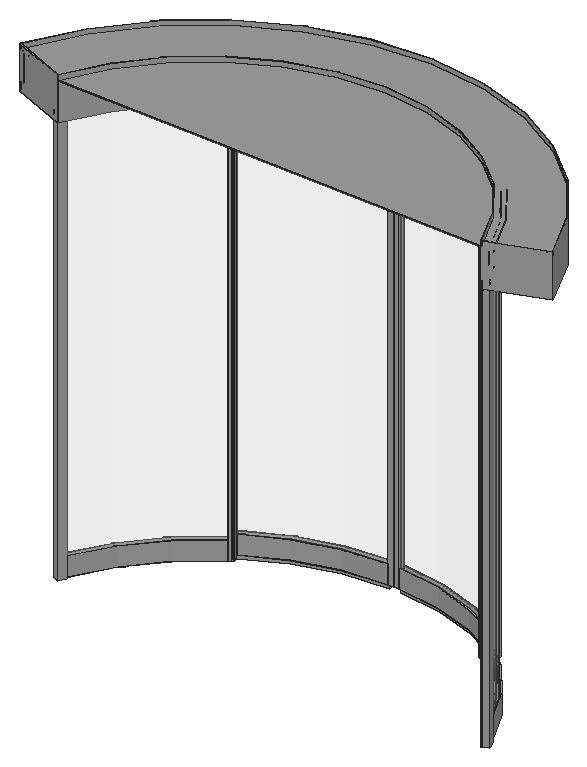
Revit family "agtatec_Record_SldngDrset_RST-ABST-IBST_Wall Based", category Doors, host Wall, Revit 2015 (continued)
Definition of nested family "RST - Generic"
  Definition of nested family "Panels"
    Automatic sketch dimensions
      Sweep 3 sketch curve to Sweep 3 sketch curve = 0.982 mm
      Sweep 3 sketch curve to profile plane = 22.618 mm
      Sweep 3 sketch curve to Sweep 3 sketch curve = 0.228 mm
      Sweep 3 sketch curve to Sweep 3 sketch curve = 9.918 mm
      Sweep 3 sketch curve to Sweep 3 sketch curve = 3.00 mm  (x2)
      profile plane to Sweep 3 sketch curve = 7.00 mm
      profile plane to Sweep 3 sketch curve = 10.00 mm
      Sweep 4 sketch curve to profile plane = 0.00 mm  (x2)
      profile plane to Sweep 4 sketch curve = 10.00 mm
      profile plane to Sweep 4 sketch curve = 7.00 mm  (x2)
      profile plane to Sweep 4 sketch curve = 3.51 mm
      profile plane to Sweep 4 sketch curve = 0.01 mm
      Sweep 4 sketch curve to profile plane = 1.33 mm
      Sweep 4 sketch curve to Sweep 4 sketch curve = 1.00 mm
      Sweep 4 sketch curve to Sweep 4 sketch curve = 0.67 mm
      Sweep 4 sketch curve to profile plane = 7.00 mm
      Sweep 4 sketch curve to Sweep 4 sketch curve = 7.00 mm
      Sweep 4 sketch curve to Sweep 4 sketch curve = 7.50 mm
      Sweep 4 sketch curve to Sweep 4 sketch curve = 2.50 mm  (x3)
      Sweep 1 to Sweep 5 sketch curve = 0.00 mm
      Sweep 1 to Sweep 5 sketch curve = 4.35 mm
      Sweep 5 sketch curve to profile plane = 0.00 mm  (x2)
      profile plane to Sweep 5 sketch curve = 10.00 mm
      Sweep 5 sketch curve to Sweep 5 sketch curve = 3.00 mm  (x2)
      profile plane to Sweep 5 sketch curve = 3.00 mm
      profile plane to Sweep 5 sketch curve = 2.33 mm
      Sweep 5 sketch curve to Sweep 5 sketch curve = 1.00 mm
      Sweep 5 sketch curve to profile plane = 0.01 mm
      Sweep 5 sketch curve to Sweep 5 sketch curve = 3.50 mm
      Sweep 5 sketch curve to profile plane = 7.00 mm
      profile plane to Sweep 5 sketch curve = 7.00 mm
      Sweep 5 sketch curve to Sweep 5 sketch curve = 7.50 mm
      Sweep 5 sketch curve to Sweep 5 sketch curve = 2.50 mm  (x3)
      plane 6 "T" to Sweep 6 sketch curve = 0.00 mm
      plane 5 to Sweep 6 sketch curve = 0.00 mm
      profile plane to Sweep 6 sketch curve = 0.00 mm  (x2)
      profile plane to Sweep 6 sketch curve = 7.00 mm  (x3)
      Sweep 6 sketch curve to Sweep 6 sketch curve = 7.95 mm
      Sweep 6 sketch curve to Sweep 6 sketch curve = 2.70 mm  (x2)
      Sweep 6 sketch curve to Sweep 6 sketch curve = 13.00 mm
      Sweep 6 sketch curve to Sweep 6 sketch curve = 2.351 mm
      Sweep 6 sketch curve to Sweep 6 sketch curve = 0.963 mm
      Sweep 6 sketch curve to Sweep 6 sketch curve = 0.982 mm
      Sweep 6 sketch curve to profile plane = 10.00 mm
      Sweep 6 sketch curve to profile plane = 7.00 mm
      Sweep 6 sketch curve to Sweep 6 sketch curve = 3.00 mm
      Sweep 6 sketch curve to Sweep 6 sketch curve = 9.564 mm
      Sweep 6 sketch curve to Sweep 6 sketch curve = 0.125 mm
      Sweep 9 sketch curve to profile plane = 0.00 mm  (x2)
      profile plane to Sweep 9 sketch curve = 15.00 mm  (x2)
      profile plane to Sweep 9 sketch curve = 12.00 mm
      profile plane to Sweep 9 sketch curve = 5.00 mm
      Sweep 9 sketch curve to Sweep 9 sketch curve = 1.40 mm  (x2)
      Sweep 9 sketch curve to Sweep 9 sketch curve = 1.30 mm
      Sweep 9 sketch curve to profile plane = 0.50 mm
      Sweep 9 sketch curve to Sweep 9 sketch curve = 5.66 mm
      Sweep 9 sketch curve to profile plane = 12.00 mm
      Sweep 9 sketch curve to Sweep 9 sketch curve = 7.44 mm
      Sweep 9 sketch curve to Sweep 9 sketch curve = 10.00 mm
      Sweep 9 sketch curve to Sweep 9 sketch curve = 3.00 mm  (x3)
      Sweep 7 to Sweep 10 sketch curve = 0.00 mm
      Sweep 7 to Sweep 10 sketch curve = 5.00 mm
      Sweep 10 sketch curve to profile plane = 0.00 mm  (x2)
      profile plane to Sweep 10 sketch curve = 15.00 mm  (x2)
      profile plane to Sweep 10 sketch curve = 12.00 mm
      Sweep 10 sketch curve to Sweep 10 sketch curve = 7.44 mm
      Sweep 10 sketch curve to Sweep 10 sketch curve = 1.40 mm  (x2)
      profile plane to Sweep 10 sketch curve = 0.50 mm
      Sweep 10 sketch curve to profile plane = 2.30 mm
      Sweep 10 sketch curve to Sweep 10 sketch curve = 1.30 mm
      Sweep 10 sketch curve to profile plane = 12.00 mm
      Sweep 10 sketch curve to Sweep 10 sketch curve = 10.00 mm  (x2)
      Sweep 10 sketch curve to Sweep 10 sketch curve = 3.00 mm  (x3)
      profile plane to Sweep 11 sketch curve = 5.00 mm
      Sweep 11 sketch curve to profile plane = 5.00 mm
      profile plane to Sweep 13 sketch curve = 0.00 mm  (x2)
      profile plane to Sweep 13 sketch curve = 15.00 mm
      Sweep 13 sketch curve to Sweep 13 sketch curve = 3.00 mm
      Sweep 13 sketch curve to profile plane = 12.00 mm
      Sweep 13 sketch curve to profile plane = 15.00 mm
      Sweep 13 sketch curve to Sweep 13 sketch curve = 0.00 mm
      Sweep 13 sketch curve to Sweep 13 sketch curve = 11.00 mm
      Sweep 13 sketch curve to Sweep 13 sketch curve = 0.123 mm
      Sweep 13 sketch curve to Sweep 13 sketch curve = 15.00 mm  (x2)
      Sweep 13 sketch curve to Sweep 13 sketch curve = 10.00 mm
      Sweep 13 sketch curve to Sweep 13 sketch curve = 0.963 mm
      Sweep 13 sketch curve to Sweep 13 sketch curve = 3.35 mm
      Sweep 14 sketch curve to Sweep 7 = 0.00 mm
      Sweep 7 to Sweep 14 sketch curve = 5.00 mm
      profile plane to Sweep 14 sketch curve = 0.00 mm  (x2)
      profile plane to Sweep 14 sketch curve = 26.123 mm
      Sweep 14 sketch curve to Sweep 14 sketch curve = 0.123 mm
      Sweep 14 sketch curve to Sweep 14 sketch curve = 11.123 mm
      Sweep 14 sketch curve to Sweep 14 sketch curve = 0.00 mm
      Sweep 14 sketch curve to Sweep 14 sketch curve = 3.00 mm  (x2)
      Sweep 14 sketch curve to profile plane = 12.00 mm
      Sweep 14 sketch curve to Sweep 14 sketch curve = 15.00 mm  (x2)
      Sweep 14 sketch curve to Sweep 14 sketch curve = 10.00 mm
      Sweep 14 sketch curve to Sweep 14 sketch curve = 0.963 mm
      Sweep 14 sketch curve to Sweep 14 sketch curve = 3.35 mm
      Masking region 2 sketch curve to Masking region 2 sketch curve = 3.00 mm
      Masking region 2 sketch curve to curve 1 = 21.945 mm
      Masking region 2 sketch curve to curve 1 = 20.001 mm
      Masking region 3 sketch curve to curve 1 = 20.001 mm
      Masking region 3 sketch curve to curve 1 = 21.945 mm
      Masking region 3 sketch curve to Masking region 3 sketch curve = 2.70 mm
      Masking region 7 sketch curve to Masking region 7 sketch curve = 0.123 mm
      Masking region 7 sketch curve to Masking region 7 sketch curve = 1.65 mm
      Masking region 8 sketch curve to Masking region 8 sketch curve = 0.123 mm
      curve 17 to curve 12 = 3.00 mm
      curve 10 to curve 18 = 3.00 mm
      profile plane to Sweep 15 sketch curve = 10.00 mm
      profile plane to Sweep 15 sketch curve = 7.00 mm
      Sweep 15 sketch curve to Sweep 15 sketch curve = 3.00 mm  (x2)
      Sweep 15 sketch curve to Sweep 15 sketch curve = 2.65 mm  (x2)
      Sweep 15 sketch curve to profile plane = 4.35 mm
      Sweep 15 sketch curve to profile plane = 7.00 mm
      level to Sweep 15 sketch curve = 5.00 mm  (x2)
      Sweep 15 sketch curve to Sweep 15 sketch curve = 24.00 mm
      Sweep 15 sketch curve to Sweep 15 sketch curve = 0.00 mm  (x2)
      Sweep 15 sketch curve to Sweep 15 sketch curve = 11.00 mm
      Sweep 15 sketch curve to Sweep 15 sketch curve = 4.00 mm
      Sweep 15 sketch curve to Sweep 15 sketch curve = 34.00 mm
      Sweep 16 sketch curve to plane 4 "Top Plane" = 0.00 mm  (x2)
      profile plane to Sweep 16 sketch curve = 10.00 mm
      profile plane to Sweep 16 sketch curve = 6.50 mm
      profile plane to Sweep 16 sketch curve = 4.35 mm
      Sweep 16 sketch curve to profile plane = 4.35 mm
      Sweep 16 sketch curve to profile plane = 6.50 mm
      Sweep 16 sketch curve to Sweep 16 sketch curve = 3.50 mm
      plane 4 "Top Plane" to Sweep 16 sketch curve = 28.00 mm
      Sweep 16 sketch curve to Sweep 16 sketch curve = 4.00 mm
      Sweep 16 sketch curve to Sweep 16 sketch curve = 12.00 mm  (x2)
      plane 6 "T" to Sweep 17 sketch curve = 0.00 mm
      profile plane to Sweep 17 sketch curve = 0.00 mm  (x2)
      Sweep 17 sketch curve to Sweep 17 sketch curve = 7.00 mm
      Sweep 17 sketch curve to Sweep 17 sketch curve = 2.00 mm  (x2)
      Sweep 17 sketch curve to Sweep 17 sketch curve = 6.00 mm  (x2)
      Sweep 17 sketch curve to profile plane = 10.00 mm
      Sweep 17 sketch curve to Sweep 17 sketch curve = 3.00 mm
      Sweep 17 sketch curve to profile plane = 5.00 mm
      profile plane to Sweep 17 sketch curve = 5.00 mm
      Sweep 17 sketch curve to Sweep 17 sketch curve = 5.00 mm
      Sweep 15 to Sweep 18 sketch curve = 0.00 mm
      Sweep 18 sketch curve to profile plane = 0.00 mm  (x2)
      profile plane to Sweep 18 sketch curve = 10.00 mm
      profile plane to Sweep 18 sketch curve = 7.00 mm  (x2)
      profile plane to Sweep 18 sketch curve = 5.00 mm
      Sweep 18 sketch curve to profile plane = 5.00 mm
      Sweep 18 sketch curve to Sweep 18 sketch curve = 2.00 mm  (x2)
      Sweep 18 sketch curve to Sweep 18 sketch curve = 5.00 mm
      Sweep 18 sketch curve to Sweep 18 sketch curve = 6.00 mm  (x2)
      Sweep 15 to Sweep 19 sketch curve = 0.00 mm
      Sweep 15 to Sweep 19 sketch curve = 4.35 mm
      Sweep 19 sketch curve to profile plane = 0.00 mm
      profile plane to Sweep 19 sketch curve = 10.00 mm
      Sweep 19 sketch curve to profile plane = 10.00 mm
      profile plane to Sweep 19 sketch curve = 2.00 mm  (x2)
      Sweep 19 sketch curve to Sweep 19 sketch curve = 1.70 mm
      profile plane to Sweep 19 sketch curve = 1.00 mm
      Sweep 19 sketch curve to Sweep 19 sketch curve = 7.658 mm
      Sweep 19 sketch curve to Sweep 19 sketch curve = 17.00 mm
      Sweep 19 sketch curve to Sweep 19 sketch curve = 13.00 mm
      Sweep 19 sketch curve to Sweep 19 sketch curve = 5.00 mm
      profile plane to Sweep 20 sketch curve = 0.00 mm  (x2)
      Sweep 20 sketch curve to profile plane = 10.50 mm
      profile plane to Sweep 20 sketch curve = 23.00 mm
      Sweep 20 sketch curve to Sweep 20 sketch curve = 2.00 mm  (x3)
      profile plane to Sweep 20 sketch curve = 10.50 mm
      profile plane to Sweep 21 sketch curve = 5.00 mm
      Sweep 21 sketch curve to profile plane = 5.00 mm
      Sweep 15 to Sweep 22 sketch curve = 0.00 mm
      Sweep 22 sketch curve to profile plane = 0.00 mm
      profile plane to Sweep 22 sketch curve = 2.00 mm  (x2)
      profile plane to Sweep 22 sketch curve = 27.00 mm
      profile plane to Sweep 22 sketch curve = 1.00 mm
      Sweep 22 sketch curve to Sweep 22 sketch curve = 7.642 mm
      Sweep 22 sketch curve to Sweep 22 sketch curve = 7.658 mm
      Sweep 22 sketch curve to Sweep 22 sketch curve = 1.70 mm
      Sweep 22 sketch curve to profile plane = 10.00 mm
      Sweep 22 sketch curve to Sweep 22 sketch curve = 13.00 mm
      Sweep 22 sketch curve to Sweep 22 sketch curve = 5.00 mm
      profile plane to Sweep 23 sketch curve = 15.00 mm
      profile plane to Sweep 23 sketch curve = 12.00 mm
      Sweep 23 sketch curve to Sweep 23 sketch curve = 3.00 mm  (x2)
      profile plane to Sweep 23 sketch curve = 4.35 mm
      Sweep 23 sketch curve to profile plane = 4.35 mm
      Sweep 23 sketch curve to Sweep 23 sketch curve = 7.65 mm
      Sweep 23 sketch curve to profile plane = 12.00 mm
      level to Sweep 23 sketch curve = 5.00 mm  (x2)
      Sweep 23 sketch curve to Sweep 23 sketch curve = 45.00 mm
      Sweep 23 sketch curve to Sweep 23 sketch curve = 0.00 mm  (x2)
      Sweep 23 sketch curve to Sweep 23 sketch curve = 12.00 mm
      Sweep 23 sketch curve to Sweep 23 sketch curve = 5.00 mm
      Sweep 23 sketch curve to Sweep 23 sketch curve = 33.00 mm
      Sweep 24 sketch curve to plane 4 "Top Plane" = 0.00 mm  (x2)
      profile plane to Sweep 24 sketch curve = 15.00 mm
      profile plane to Sweep 24 sketch curve = 12.00 mm
      profile plane to Sweep 24 sketch curve = 4.50 mm
      Sweep 24 sketch curve to profile plane = 4.50 mm
      Sweep 24 sketch curve to profile plane = 12.00 mm
      Sweep 24 sketch curve to Sweep 24 sketch curve = 3.00 mm
      plane 4 "Top Plane" to Sweep 24 sketch curve = 27.00 mm
      Sweep 24 sketch curve to Sweep 24 sketch curve = 5.00 mm
      Sweep 24 sketch curve to Sweep 24 sketch curve = 12.00 mm  (x2)
      Sweep 29 sketch curve to Sweep 29 sketch curve = 5.00 mm  (x2)
      Sweep 29 sketch curve to profile plane = 4.00 mm
      profile plane to Sweep 29 sketch curve = 4.00 mm
      profile plane to Sweep 25 sketch curve = 0.00 mm  (x2)
      Sweep 25 sketch curve to Sweep 25 sketch curve = 15.00 mm
      Sweep 25 sketch curve to Sweep 25 sketch curve = 3.00 mm  (x2)
      Sweep 25 sketch curve to Sweep 25 sketch curve = 7.00 mm  (x2)
      Sweep 25 sketch curve to Sweep 25 sketch curve = 10.00 mm
      Sweep 25 sketch curve to profile plane = 15.00 mm
      Sweep 25 sketch curve to profile plane = 8.00 mm
      profile plane to Sweep 25 sketch curve = 8.00 mm
      Sweep 25 sketch curve to Sweep 25 sketch curve = 4.00 mm
      profile plane to Sweep 28 sketch curve = 0.00 mm  (x2)
      Sweep 28 sketch curve to profile plane = 17.15 mm
      profile plane to Sweep 28 sketch curve = 37.00 mm
      Sweep 28 sketch curve to Sweep 28 sketch curve = 3.00 mm  (x2)
      profile plane to Sweep 28 sketch curve = 15.85 mm
      Sweep 28 sketch curve to Sweep 28 sketch curve = 2.00 mm
      plane 6 "T" to Sweep 25 sketch curve = 0.00 mm
      Sweep 25 sketch curve to plane 5 = 6.00 mm
      Sweep 26 sketch curve to profile plane = 0.00 mm  (x2)
      profile plane to Sweep 26 sketch curve = 15.00 mm  (x2)
      Sweep 26 sketch curve to Sweep 26 sketch curve = 3.00 mm  (x2)
      Sweep 26 sketch curve to profile plane = 8.00 mm
      Sweep 26 sketch curve to Sweep 26 sketch curve = 4.00 mm
      Sweep 26 sketch curve to Sweep 26 sketch curve = 7.00 mm  (x3)
      Sweep 26 sketch curve to Sweep 26 sketch curve = 10.00 mm
      Sweep 27 sketch curve to profile plane = 0.00 mm
      profile plane to Sweep 27 sketch curve = 15.00 mm
      Sweep 27 sketch curve to profile plane = 15.00 mm
      Sweep 27 sketch curve to Sweep 27 sketch curve = 1.75 mm
      profile plane to Sweep 27 sketch curve = 5.143 mm
      Sweep 27 sketch curve to Sweep 27 sketch curve = 15.25 mm
      profile plane to Sweep 27 sketch curve = 25.00 mm
      Sweep 27 sketch curve to Sweep 27 sketch curve = 5.00 mm
      profile plane to Sweep 27 sketch curve = 5.001 mm
      Sweep 30 sketch curve to profile plane = 0.00 mm
      profile plane to Sweep 30 sketch curve = 4.546 mm
      profile plane to Sweep 30 sketch curve = 32.00 mm
      Sweep 30 sketch curve to Sweep 30 sketch curve = 15.25 mm
      profile plane to Sweep 30 sketch curve = 15.00 mm
      Sweep 30 sketch curve to profile plane = 15.00 mm
      profile plane to Sweep 30 sketch curve = 25.00 mm
      Sweep 30 sketch curve to Sweep 30 sketch curve = 5.00 mm
      profile plane to Sweep 30 sketch curve = 4.688 mm
      Sweep 23 to Sweep 26 sketch curve = 0.00 mm
      Sweep 31 sketch curve to profile plane = 20.00 mm
      Sweep 23 to Sweep 32 sketch curve = 4.35 mm
      profile plane to Sweep 32 sketch curve = 27.00 mm
      profile plane to Sweep 32 sketch curve = 1.00 mm
      Sweep 32 sketch curve to Sweep 32 sketch curve = 7.642 mm
      profile plane to Sweep 32 sketch curve = 2.00 mm  (x2)
      Sweep 32 sketch curve to Sweep 32 sketch curve = 7.658 mm
      profile plane to Sweep 32 sketch curve = 10.00 mm
      Sweep 32 sketch curve to Sweep 32 sketch curve = 18.00 mm
      Sweep 32 sketch curve to profile plane = 20.00 mm
      Sweep 23 to Sweep 33 sketch curve = 4.35 mm
      Sweep 33 sketch curve to profile plane = 0.021 mm
      profile plane to Sweep 33 sketch curve = 12.00 mm  (x2)
      profile plane to Sweep 33 sketch curve = 0.971 mm
      Sweep 33 sketch curve to Sweep 33 sketch curve = 1.985 mm
      Sweep 33 sketch curve to Sweep 33 sketch curve = 2.70 mm
      Sweep 33 sketch curve to profile plane = 11.70 mm
      profile plane to Sweep 33 sketch curve = 1.00 mm
      Sweep 33 sketch curve to Sweep 33 sketch curve = 7.658 mm
      profile plane to Sweep 33 sketch curve = 2.00 mm
      Sweep 33 sketch curve to Sweep 33 sketch curve = 7.642 mm
      Sweep 33 sketch curve to Sweep 33 sketch curve = 20.00 mm
      Sweep 33 sketch curve to Sweep 33 sketch curve = 2.00 mm
      Sweep 33 sketch curve to Sweep 33 sketch curve = 12.00 mm
      Sweep 33 sketch curve to Sweep 33 sketch curve = 1.029 mm
      Sweep 33 sketch curve to Sweep 33 sketch curve = 18.00 mm
      Sweep 33 sketch curve to profile plane = 0.00 mm
      curve 51 to curve 54 = 2.00 mm
      Sweep 35 sketch curve to level = 0.00 mm
      profile plane to Sweep 35 sketch curve = 6.00 mm
      Sweep 35 sketch curve to Sweep 35 sketch curve = 4.00 mm  (x2)
      Sweep 35 sketch curve to profile plane = 6.00 mm
      level to Sweep 35 sketch curve = 4.00 mm  (x2)
      Sweep 35 sketch curve to Sweep 35 sketch curve = 21.00 mm
      Sweep 36 sketch curve to level = 0.00 mm  (x2)
      profile plane to Sweep 36 sketch curve = 9.00 mm
      Sweep 36 sketch curve to profile plane = 5.00 mm
      Sweep 36 sketch curve to Sweep 36 sketch curve = 0.00 mm  (x6)
      Sweep 36 sketch curve to Sweep 36 sketch curve = 2.00 mm  (x3)
      Sweep 37 sketch curve to level = 0.00 mm  (x2)
      profile plane to Sweep 37 sketch curve = 47.00 mm
      Sweep 37 sketch curve to Sweep 37 sketch curve = 23.00 mm
      profile plane to Sweep 37 sketch curve = 7.00 mm
      Sweep 37 sketch curve to profile plane = 5.00 mm
      Sweep 37 sketch curve to Sweep 37 sketch curve = 2.00 mm  (x3)
      Sweep 37 sketch curve to Sweep 37 sketch curve = 0.00 mm  (x3)
      Sweep 37 sketch curve to level = 29.00 mm
      Sweep 36 sketch curve to Sweep 36 sketch curve = 26.00 mm
      Sweep 7 sketch curve to level = 16.40 mm
      profile plane to Sweep 7 sketch curve = 15.00 mm
      Sweep 7 sketch curve to Sweep 7 sketch curve = 3.00 mm  (x3)
      Sweep 7 sketch curve to Sweep 7 sketch curve = 5.175 mm  (x2)
      profile plane to Sweep 7 sketch curve = 5.00 mm
      Sweep 7 sketch curve to profile plane = 5.00 mm
      Sweep 7 sketch curve to Sweep 7 sketch curve = 1.825 mm
      Sweep 7 sketch curve to profile plane = 12.00 mm
      level to Sweep 7 sketch curve = 5.00 mm  (x2)
      Sweep 7 sketch curve to Sweep 7 sketch curve = 23.60 mm
      Sweep 7 sketch curve to Sweep 7 sketch curve = 21.40 mm  (x2)
      Sweep 7 sketch curve to Sweep 7 sketch curve = 12.00 mm
      Sweep 7 sketch curve to Sweep 7 sketch curve = 5.00 mm
      Sweep 7 sketch curve to Sweep 7 sketch curve = 33.00 mm
      Sweep 7 sketch curve to Sweep 7 sketch curve = 0.00 mm
      level to Sweep 1 sketch curve = 5.00 mm  (x2)
      profile plane to Sweep 1 sketch curve = 10.00 mm
      Sweep 1 sketch curve to Sweep 1 sketch curve = 3.00 mm  (x3)
      profile plane to Sweep 1 sketch curve = 6.825 mm
      profile plane to Sweep 1 sketch curve = 4.35 mm
      Sweep 1 sketch curve to profile plane = 4.35 mm
      Sweep 1 sketch curve to profile plane = 6.825 mm
      Sweep 1 sketch curve to Sweep 1 sketch curve = 2.65 mm  (x2)
      Sweep 1 sketch curve to level = 16.40 mm
      Sweep 1 sketch curve to Sweep 1 sketch curve = 23.60 mm
      Sweep 1 sketch curve to Sweep 1 sketch curve = 0.40 mm  (x2)
      Sweep 1 sketch curve to Sweep 1 sketch curve = 11.00 mm
      Sweep 1 sketch curve to Sweep 1 sketch curve = 4.00 mm
      Sweep 1 sketch curve to Sweep 1 sketch curve = 34.00 mm
      Sweep 1 sketch curve to Sweep 1 sketch curve = 0.00 mm
      Sweep 34 sketch curve to level = 0.00 mm
      profile plane to Sweep 34 sketch curve = 10.00 mm
      Sweep 34 sketch curve to Sweep 34 sketch curve = 4.00 mm  (x2)
      level to Sweep 34 sketch curve = 2.50 mm  (x2)
      Sweep 34 sketch curve to profile plane = 6.00 mm
      Sweep 34 sketch curve to Sweep 34 sketch curve = 22.50 mm
      curve 31 to curve 30 = 3.00 mm
      curve 28 to curve 32 = 3.00 mm
      curve 27 to curve 23 = 3.00 mm
      curve 25 to curve 26 = 3.00 mm
      Sweep 23 to Sweep 31 sketch curve = 4.35 mm
      curve 3 to curve 61 = 0.00 mm  (x2)
      plane 1 "Center (Front/Back)" to curve 5 = 0.00 mm
      curve 5 to plane 3 "Center (Left/Right)" = 0.00 mm
Types (12, lengths in mm): name | WithoutSidePanels | WithSidePanels | Weight | WallCutWidth | WL | W | TFWidth | TFDichtung | Shape | SWAdd | SW | STWidth | RST360 | RST180 | PassageWidthOptions | Panel30mm | Panel20mm | Operation | Name | IBST | H | FloorChannel | Features | DiameterOptions | BIMObjectName | ABST
  IBST With Side Panels - 20 mm | no | yes | "n/a" | 2209.733 | 468.262 | 31.7569° | 20.00 | 20.00 | "Half-Cylinder Shaped" | 3.51816° | 35.275° | 20.00 | no | no | "contact manufacturer" | no | yes | "Automatoc" | "SldngDrset_IBST-circular-slidingDoor_Generic_Record" | yes | 731.738 | no | "Air curtain" | "n/a" | "agtatec_Record_SldngDrset_IBST-circular-slidingDoor_WallBased" | no
  IBST With Side Panels - 30 mm | no | yes | "n/a" | 2238.746 | 432.44 | 32.3924° | 30.00 | 30.00 | "Half-Cylinder Shaped" | 4.09256° | 36.4849° | 30.00 | no | no | "contact manufacturer" | yes | no | "Automatoc" | "SldngDrset_IBST-circular-slidingDoor_Generic_Record" | yes | 767.56 | no | "Air curtain" | "n/a" | "agtatec_Record_SldngDrset_IBST-circular-slidingDoor_WallBased" | no
  ABST With Side Panels - 20 mm | no | yes | "n/a" | 2205.944 | 472.707 | 31.7569° | 20.00 | 20.00 | "Half-Cylinder Shaped" | 3.28746° | 35.0443° | 20.00 | no | no | "contact manufacturer" | no | yes | "Automatoc" | "SldngDrset_ABST Circular-slidingDoor_Generic_Record" | no | 727.293 | no | "Air curtain" | "n/a" | "agtatec_Record_SldngDrset_ABST Circular-slidingDoor_WallBased" | yes
  ABST With Side Panels - 30 mm | no | yes | "n/a" | 2233.644 | 438.986 | 32.3924° | 30.00 | 30.00 | "Half-Cylinder Shaped" | 3.7571° | 36.1495° | 30.00 | no | no | "contact manufacturer" | yes | no | "Automatic" | "SldngDrset_ABST Circular-slidingDoor_Generic_Record" | no | 761.014 | no | "Air curtain" | "n/a" | "agtatec_Record_SldngDrset_ABST Circular-slidingDoor_WallBased" | yes
  RST 180 - 20 mm | no | yes | "160-340kg" | 2400.00 | 0.00 | 31.7569° | 20.00 | 20.00 | "Half Cylinder Shaped" | 3.28746° | 58.2431° | 20.00 | no | yes | "1005-2451" | no | yes | "Automatoc" | "SldngDrset_RST-circular-slidingDoor_Generic_Record" | no | 1200.00 | no | "Air curtain" | "1500-3600" | "agtatec_Record_SldngDrset_RST-circular-slidingDoo_WallBased" | no
  RST 360 - 30 mm | no | yes | "320-680kg" | 2400.00 | 0.00 | 32.3924° | 30.00 | 30.00 | "Full Cylinder Shaped" | 3.7571° | 57.6076° | 30.00 | yes | no | "1005-2451" | yes | no | "Automatoc" | "SldngDrset_RST-circular-slidingDoor_Generic_Record" | no | 1200.00 | no | "Sluice function, air curtain" | "1500-3600" | "agtatec_Record_SldngDrset_RTS-circular-slidingDoo_WallBased" | no
  RST 360 - 20 mm | no | yes | "320-680kg" | 2400.00 | 0.00 | 31.7569° | 20.00 | 20.00 | "Full Cylinder Shaped" | 3.28746° | 58.2431° | 20.00 | yes | no | "1005-2451" | no | yes | "Automatoc" | "SldngDrset_RST-circular-slidingDoor_Generic_Record" | no | 1200.00 | no | "Sluice function, air curtain" | "1500-3600" | "agtatec_Record_SldngDrset_RTS-circular-slidingDoo_WallBased" | no
  RST 180 - 30 mm | no | yes | "160-340kg" | 2400.00 | 0.00 | 32.3924° | 30.00 | 30.00 | "Half Cylinder Shaped" | 3.7571° | 57.6076° | 30.00 | no | yes | "1005-2451" | yes | no | "Automatoc" | "SldngDrset_RST-circular-slidingDoor_Generic_Record" | no | 1200.00 | no | "Air curtain" | "1500-3600" | "agtatec_Record_SldngDrset_RST-circular-slidingDoo_WallBased" | no
  IBST Without Side Panels - 20 mm | yes | no | "n/a" | 2209.733 | 468.262 | 31.7569° | 20.00 | 20.00 | "Half-Cylinder Shaped" | 3.51816° | 35.275° | 20.00 | no | no | "contact manufacturer" | no | yes | "Automatoc" | "SldngDrset_IBST-circular-slidingDoor_Generic_Record" | yes | 731.738 | no | "Air curtain" | "n/a" | "agtatec_Record_SldngDrset_IBST-circular-slidingDoor_WallBased" | no
  IBST Without Side Panels - 30 mm | yes | no | "n/a" | 2238.746 | 432.44 | 32.3924° | 30.00 | 30.00 | "Half-Cylinder Shaped" | 4.09256° | 36.4849° | 30.00 | no | no | "contact manufacturer" | yes | no | "Automatoc" | "SldngDrset_IBST-circular-slidingDoor_Generic_Record" | yes | 767.56 | no | "Air curtain" | "n/a" | "agtatec_Record_SldngDrset_IBST-circular-slidingDoor_WallBased" | no
  ABST Without Side Panels - 20 mm | yes | no | "n/a" | 2205.944 | 472.707 | 31.7569° | 20.00 | 20.00 | "Half-Cylinder Shaped" | 3.28746° | 35.0443° | 20.00 | no | no | "contact manufacturer" | no | yes | "Automatoc" | "SldngDrset_ABST Circular-slidingDoor_Generic_Record" | no | 727.293 | no | "Air curtain" | "n/a" | "agtatec_Record_SldngDrset_ABST Circular-slidingDoor_WallBased" | yes
  ABST Without Side Panels - 30 mm | yes | no | "n/a" | 2233.644 | 438.986 | 32.3924° | 30.00 | 30.00 | "Half-Cylinder Shaped" | 3.7571° | 36.1495° | 30.00 | no | no | "contact manufacturer" | yes | no | "Automatoc" | "SldngDrset_ABST Circular-slidingDoor_Generic_Record" | no | 761.014 | yes | "Air curtain" | "n/a" | "agtatec_Record_SldngDrset_ABST Circular-slidingDoor_WallBased" | yes
